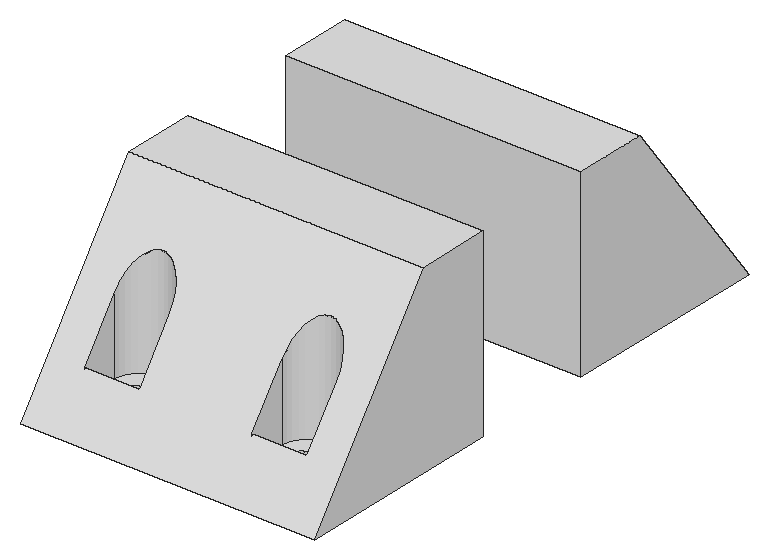
Revit family "ИО 102-40 Б2П(3)", category Датчики, Revit 2019
Family settings
  Сохранять ориентацию аннотаций = Нет
  Размер круглого соединителя = Использовать диаметр
  Тип детали = Нормальный
  Номер OmniClass = 23.85.50.17
  Заголовок OmniClass = Communication and Data Processing Equipment
  На основе рабочей плоскости = Нет
  Всегда вертикально = Да
  При загрузке вырезать с полостями = Нет
  Общий = Нет
  Точка расчета площади = Нет
Parameters (values of type "ИО 102-40 Б2П(3)")
  Цвет = Пластик белый
  Смещение УГО по горизонтали [instance] = if((2000 mm - Сдвиг УГО по горизонтали) < 0 mm, 0 mm, 2000 mm - Сдвиг УГО по горизонтали)  # 2000 mm
  Смещение УГО по вертикали [instance] = if((2000 mm - Сдвиг УГО по вертикали) < 0 mm, 0 mm, 2000 mm - Сдвиг УГО по вертикали)  # 2000 mm
  Сдвиг УГО по горизонтали [instance] = 0 mm
  Сдвиг УГО по вертикали [instance] = 0 mm
  Описание = "Корпус из пластика, вывод гофрорукав из оцинкованной стали, тип корпуса датчика \"трапеция\""
  Изготовитель = [ADSK_Завод-изготовитель]  # "НПП «МАГНИТО-КОНТАКТ»"
  URL = "https://m-kontakt.ru/produkt/datch_dlya_magn_konstr/io102-40"
  ADSK_Наименование = "ИО 102-40 Б2П(3)"
  ADSK_Масса = 0.145
  ADSK_Код изделия = "00-00001695"
  ADSK_Завод-изготовитель = "НПП «МАГНИТО-КОНТАКТ»"  # constant formula
  ADSK_Единица измерения = "шт."  # constant formula
Reference planes
  plane 1 "По центру (Вперед/Назад)": y = 0
  plane 2: z = 0
  plane 3 "По центру (Влево/Вправо)": x = 0
  plane 4: x = 0
  plane 5: x = 2000
  plane 6: y = 2000
  plane 7: y = 0
  plane 8: x = 0
Forms (mm)
  Extrusion 1, solid, material "Пластик белый" <- "Цвет", detail levels medium+fine
    sketch origin (0, 16.747, 0) x (0, 1, 0) y (0, 0, 1)
      loop
        line (-25, 0) -> (-25, 25) -> (-35, 25) -> (-53.481, 0) -> (-25, 0)
    from -20 to 20
  Extrusion 2, void
    sketch origin (-47.839, 23.028, 0) x (-1, 0, 0) y (0, -1, 0)
      loop
        line (-55.5, 50) -> (-55.5, 55) -> (-62.938, 55) -> (-62.938, 50)
        arc (-62.938, 50) -> (-59.219, 46.281) -> (-55.5, 50) r 3.719
    from 2.9 to 25
  Extrusion 3, void
    sketch origin (68.88, 21.747, 0) x (1, 0, 0) y (0, 1, 0)
      loop
        circle (-57.5, -50) r 2
    from 0 to 32.922
  Extrusion 4, void
    sketch origin (47.839, 23.028, 0) x (1, 0, 0) y (0, 1, 0)
      loop
        arc (-55.5, -50) -> (-59.219, -46.281) -> (-62.938, -50) r 3.719
        line (-62.938, -50) -> (-62.938, -55) -> (-55.5, -55) -> (-55.5, -50)
    from 2.9 to 25
  Extrusion 5, void
    sketch origin (-68.88, 21.747, 0) x (-1, 0, 0) y (0, -1, 0)
      loop
        circle (-57.5, 50) r 2
    from 0 to 32.922
  Extrusion 6, solid, material "Пластик белый" <- "Цвет", detail levels medium+fine
    sketch origin (0, -16.747, 0) x (0, -1, 0) y (0, 0, -1)
      loop
        line (-25, 0) -> (-53.481, 0) -> (-35, -25) -> (-25, -25) -> (-25, 0)
    from -20 to 20
  Extrusion 7, void
    sketch origin (-47.839, -23.028, 0) x (-1, 0, 0) y (0, -1, 0)
      loop
        arc (-55.5, -50) -> (-59.219, -46.281) -> (-62.938, -50) r 3.719
        line (-62.938, -50) -> (-62.938, -55) -> (-55.5, -55) -> (-55.5, -50)
    from 2.9 to 25
  Extrusion 8, void
    sketch origin (68.88, -21.747, 0) x (1, 0, 0) y (0, 1, 0)
      loop
        circle (-57.5, 50) r 2
    from 0 to 32.922
  Extrusion 9, void
    sketch origin (47.839, -23.028, 0) x (1, 0, 0) y (0, 1, 0)
      loop
        line (-55.5, 50) -> (-55.5, 55) -> (-62.938, 55) -> (-62.938, 50)
        arc (-62.938, 50) -> (-59.219, 46.281) -> (-55.5, 50) r 3.719
    from 2.9 to 25
  Extrusion 10, void
    sketch origin (-68.88, -21.747, 0) x (-1, 0, 0) y (0, -1, 0)
      loop
        circle (-57.5, -50) r 2
    from 0 to 32.922
Cuts and joins
  Extrusion 2, Extrusion 3, Extrusion 4, Extrusion 5, Extrusion 7, Extrusion 8, Extrusion 9, Extrusion 10 cuts Extrusion 1
  Extrusion 7, Extrusion 8, Extrusion 9, Extrusion 10 cuts Extrusion 6
Dimensions and locks
  plane 1 "По центру (Вперед/Назад)" to nested 1 = 0 mm
  locked: plane 3 "По центру (Влево/Вправо)" to plane 5 at 2000
  "Смещение УГО по горизонтали": plane 8 to plane 5
  "Смещение УГО по вертикали": plane 6 to plane 7
  locked: plane 1 "По центру (Вперед/Назад)" to plane 6 at 2000
  Extrusion 1 sketch curve to Extrusion 1 sketch curve = 25 mm
  Extrusion 6 sketch curve to Extrusion 6 sketch curve = 25 mm
  aligned and locked: nested 1 to plane 8
  aligned and locked: nested 1 to plane 7
Automatic sketch dimensions
  Extrusion 1 sketch curve to level = 0 mm
  plane 1 "По центру (Вперед/Назад)" to Extrusion 1 sketch curve = 36.733 mm
  plane 1 "По центру (Вперед/Назад)" to Extrusion 1 sketch curve = 18.253 mm
  plane 1 "По центру (Вперед/Назад)" to Extrusion 1 sketch curve = 8.253 mm
  plane 3 "По центру (Влево/Вправо)" to Extrusion 2 sketch curve = 15.099 mm
  Extrusion 2 sketch curve to Extrusion 2 sketch curve = 3.719 mm
  plane 1 "По центру (Вперед/Назад)" to Extrusion 2 sketch curve = 26.972 mm
  Extrusion 2 sketch curve to Extrusion 2 sketch curve = 5 mm
  Extrusion 2 sketch curve to Extrusion 2 sketch curve = 0 mm
  plane 3 "По центру (Влево/Вправо)" to Extrusion 3 sketch curve = 11.38 mm
  plane 1 "По центру (Вперед/Назад)" to Extrusion 3 sketch curve = 28.253 mm
  Extrusion 4 sketch curve to plane 3 "По центру (Влево/Вправо)" = 15.099 mm
  Extrusion 4 sketch curve to Extrusion 4 sketch curve = 3.719 mm
  plane 1 "По центру (Вперед/Назад)" to Extrusion 4 sketch curve = 31.972 mm
  Extrusion 4 sketch curve to Extrusion 4 sketch curve = 5 mm
  Extrusion 4 sketch curve to Extrusion 4 sketch curve = 0 mm
  Extrusion 5 sketch curve to plane 3 "По центру (Влево/Вправо)" = 11.38 mm
  plane 1 "По центру (Вперед/Назад)" to Extrusion 5 sketch curve = 28.253 mm
  Extrusion 6 sketch curve to level = 0 mm
  Extrusion 6 sketch curve to plane 1 "По центру (Вперед/Назад)" = 36.733 mm
  Extrusion 6 sketch curve to plane 1 "По центру (Вперед/Назад)" = 18.253 mm
  Extrusion 6 sketch curve to plane 1 "По центру (Вперед/Назад)" = 8.253 mm
  plane 3 "По центру (Влево/Вправо)" to Extrusion 7 sketch curve = 15.099 mm
  Extrusion 7 sketch curve to Extrusion 7 sketch curve = 3.719 mm
  Extrusion 7 sketch curve to plane 1 "По центру (Вперед/Назад)" = 31.972 mm
  Extrusion 7 sketch curve to Extrusion 7 sketch curve = 5 mm
  Extrusion 7 sketch curve to Extrusion 7 sketch curve = 0 mm
  plane 3 "По центру (Влево/Вправо)" to Extrusion 8 sketch curve = 11.38 mm
  Extrusion 8 sketch curve to plane 1 "По центру (Вперед/Назад)" = 28.253 mm
  Extrusion 9 sketch curve to plane 3 "По центру (Влево/Вправо)" = 15.099 mm
  Extrusion 9 sketch curve to Extrusion 9 sketch curve = 3.719 mm
  Extrusion 9 sketch curve to plane 1 "По центру (Вперед/Назад)" = 26.972 mm
  Extrusion 9 sketch curve to Extrusion 9 sketch curve = 5 mm
  Extrusion 9 sketch curve to Extrusion 9 sketch curve = 0 mm
  Extrusion 10 sketch curve to plane 3 "По центру (Влево/Вправо)" = 11.38 mm
  Extrusion 10 sketch curve to plane 1 "По центру (Вперед/Назад)" = 28.253 mm
  radius of Extrusion 3 sketch curve = 2 mm
  radius of Extrusion 5 sketch curve = 2 mm
  radius of Extrusion 8 sketch curve = 2 mm
  radius of Extrusion 10 sketch curve = 2 mm
Nested families
  nested 1: "УГО_извещатель" at (0, 0, 0), type "УГО_извещатель", detail levels coarse
Connectors
  electrical at (0, 0, 0)
    settings: index 1, voltage 0 V, apparent load 0 VA, apparent load phase1 0 VA, apparent load phase2 0 VA, apparent load phase3 0 VA, power factor 1, load classification "Прочее", number of poles 1, system type 31, power factor state 1, is connector primary yes, connector utility no, sub classification motor no, connector description ""
Definition of nested family "УГО_извещатель"
  Reference planes
    plane 1: y = 0
    plane 2: x = 0
  Lines and regions (mm)
    Filled region 1, type "Цветовая область 1"
      outline origin (0, 0, 0) x (1, 0, 0) y (0, 1, 0)
        loop
          line (-2.5, 2.5) -> (-2.5, 0.9) -> (2.5, 0.9) -> (2.5, 2.5) -> (-2.5, 2.5)
    Filled region 2, type "Цветовая область 1"
      outline origin (0, 0, 0) x (1, 0, 0) y (0, 1, 0)
        loop
          line (-2.5, -0.9) -> (-2.5, -2.5) -> (2.5, -2.5) -> (2.5, -0.9) -> (-2.5, -0.9)
    detail lines
      curve 1: line (-2.5, 2.5, 0) -> (2.5, 2.5, 0)
      curve 2: line (-2.5, -2.5, 0) -> (-2.5, 2.5, 0)
      curve 3: line (2.5, -2.5, 0) -> (-2.5, -2.5, 0)
      curve 4: line (2.5, 2.5, 0) -> (2.5, -2.5, 0)
      curve 5: line (-2.5, 0.9, 0) -> (2.5, 0.9, 0)
      curve 6: line (-2.5, -0.9, 0) -> (2.5, -0.9, 0)
